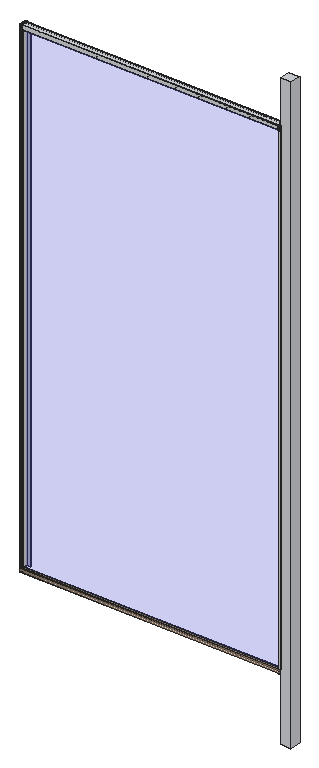
Revit family "705 Panel.pdf", category Generic Models, Revit 2026
Family settings
  Can host rebar = No
  Round Connector Dimension = Use Diameter
  Part Type = Normal
  Work Plane-Based = No
  Always vertical = Yes
  Cut with Voids When Loaded = No
  Maintain Annotation Orientation = No
  Shared = No
  Room Calculation Point = No
Parameters
  Default Elevation = 0 mm
Reference planes
  plane 1 "Center (Front/Back)": y = 0
  plane 2: z = 0
  plane 3 "Center (Left/Right)": x = 0
  plane 4: z = 300
  plane 5: z = 2684
  plane 6: x = 632
  plane 7: x = -632
Forms (mm)
  Extrusion 1, solid, material "Analytical Panels"
    sketch origin (0, -31.575, 2984.038) x (0, -1, 0) y (0, 0, -1)
      loop
        line (-2.218, 2684) -> (-31.606, 2684)
        arc (-31.606, 2684) -> (-32.895, 2683.466) -> (-33.43, 2682.176) r 1.824
        line (-33.43, 2682.176) -> (-33.43, 2677.15) -> (-31.638, 2672.482) -> (-30.429, 2672.482) -> (-30.429, 2673.958) -> (-31.261, 2674.79) -> (-31.883, 2675.867) -> (-31.883, 2679.357) -> (-30.89, 2679.357) -> (-30.89, 2678.378) -> (-30.061, 2678.378) -> (-30.061, 2681.483)
        arc (-30.061, 2681.483) -> (-29.865, 2681.955) -> (-29.394, 2682.15) r 0.667
        line (-29.394, 2682.15) -> (-25.748, 2682.15)
        arc (-25.748, 2682.15) -> (-24.493, 2681.63) -> (-23.974, 2680.376) r 1.774
        line (-23.974, 2680.376) -> (-23.974, 2670.805)
        arc (-23.974, 2670.805) -> (-23.586, 2669.868) -> (-22.649, 2669.48) r 1.325
        line (-22.649, 2669.48) -> (-3.269, 2669.48)
        arc (-3.269, 2669.48) -> (-2.429, 2669.131) -> (-2.08, 2668.29) r 1.189
        line (-2.08, 2668.29) -> (-2.08, 2661.561)
        arc (-2.08, 2661.561) -> (-1.055, 2660.536) -> (-0.031, 2661.561) r 1.025
        line (-0.031, 2661.561) -> (-0.031, 2681.813)
        arc (-0.031, 2681.813) -> (-0.671, 2683.359) -> (-2.218, 2684) r 2.187
      loop
        line (-3.626, 2682.849) -> (-21.266, 2682.849)
        arc (-21.266, 2682.849) -> (-22.357, 2682.397) -> (-22.809, 2681.306) r 1.543
        line (-22.809, 2681.306) -> (-22.809, 2672.418)
        arc (-22.809, 2672.418) -> (-22.303, 2671.197) -> (-21.082, 2670.691) r 1.727
        line (-21.082, 2670.691) -> (-3.579, 2670.691)
        arc (-3.579, 2670.691) -> (-2.519, 2671.13) -> (-2.08, 2672.19) r 1.499
        line (-2.08, 2672.19) -> (-2.08, 2681.303)
        arc (-2.08, 2681.303) -> (-2.533, 2682.396) -> (-3.626, 2682.849) r 1.545
    from -632 to 632
  Extrusion 2, solid
    sketch origin (500, -31.575, 0) x (0, -1, 0) y (0, 0, 1)
      loop
        line (-2.218, 2684) -> (-31.606, 2684)
        arc (-31.606, 2684) -> (-32.895, 2683.466) -> (-33.43, 2682.176) r 1.824
        line (-33.43, 2682.176) -> (-33.43, 2677.15) -> (-31.638, 2672.482) -> (-30.429, 2672.482) -> (-30.429, 2673.958) -> (-31.261, 2674.79) -> (-31.883, 2675.867) -> (-31.883, 2679.357) -> (-30.89, 2679.357) -> (-30.89, 2678.378) -> (-30.061, 2678.378) -> (-30.061, 2681.483)
        arc (-30.061, 2681.483) -> (-29.865, 2681.955) -> (-29.394, 2682.15) r 0.667
        line (-29.394, 2682.15) -> (-25.748, 2682.15)
        arc (-25.748, 2682.15) -> (-24.493, 2681.63) -> (-23.974, 2680.376) r 1.774
        line (-23.974, 2680.376) -> (-23.974, 2670.805)
        arc (-23.974, 2670.805) -> (-23.586, 2669.868) -> (-22.649, 2669.48) r 1.325
        line (-22.649, 2669.48) -> (-3.269, 2669.48)
        arc (-3.269, 2669.48) -> (-2.429, 2669.131) -> (-2.08, 2668.29) r 1.189
        line (-2.08, 2668.29) -> (-2.08, 2661.561)
        arc (-2.08, 2661.561) -> (-1.055, 2660.536) -> (-0.031, 2661.561) r 1.025
        line (-0.031, 2661.561) -> (-0.031, 2681.813)
        arc (-0.031, 2681.813) -> (-0.671, 2683.359) -> (-2.218, 2684) r 2.187
      loop
        line (-3.626, 2682.849) -> (-21.266, 2682.849)
        arc (-21.266, 2682.849) -> (-22.357, 2682.397) -> (-22.809, 2681.306) r 1.543
        line (-22.809, 2681.306) -> (-22.809, 2672.418)
        arc (-22.809, 2672.418) -> (-22.303, 2671.197) -> (-21.082, 2670.691) r 1.727
        line (-21.082, 2670.691) -> (-3.579, 2670.691)
        arc (-3.579, 2670.691) -> (-2.519, 2671.13) -> (-2.08, 2672.19) r 1.499
        line (-2.08, 2672.19) -> (-2.08, 2681.303)
        arc (-2.08, 2681.303) -> (-2.533, 2682.396) -> (-3.626, 2682.849) r 1.545
    from -132 to 1132
  Extrusion 3, solid, material "Glass"
    sketch origin (0, 0, 0) x (0, 1, 0) y (0, 0, 1)
      loop
        line (-1.514, 2681.483) -> (-7.607, 2681.483) -> (-7.607, 301.483) -> (-1.514, 301.483) -> (-1.514, 2681.483)
    from -632 to 632
  Extrusion 4, solid
    sketch origin (0, -29.689, 0) x (1, 0, 0) y (0, 1, 0)
      loop
        line (-632, -1.855) -> (-624.867, -1.855) -> (-620.822, -0.308) -> (-620.822, 1.146) -> (-621.834, 1.146) -> (-622.667, 0.314) -> (-624.292, -0.308) -> (-626.824, -0.308) -> (-626.824, 0.685) -> (-630.52, 0.685) -> (-630.52, 7.607) -> (-621.558, 7.607) -> (-621.558, 29.382) -> (-604.239, 29.382) -> (-604.239, 31.544) -> (-632, 31.544) -> (-632, -1.855)
      loop
        line (-630.931, 8.522) -> (-623.076, 8.522) -> (-623.076, 29.382) -> (-630.931, 29.382) -> (-630.931, 8.522)
    from 323.56 to 2684
  Extrusion 5, solid
    sketch origin (0, -29.689, 0) x (-1, 0, 0) y (0, -1, 0)
      loop
        line (-632, 1.855) -> (-632, -31.544) -> (-604.239, -31.544) -> (-604.239, -29.382) -> (-621.558, -29.382) -> (-621.558, -7.607) -> (-630.52, -7.607) -> (-630.52, -0.685) -> (-626.824, -0.685) -> (-626.824, 0.308) -> (-624.292, 0.308) -> (-622.667, -0.314) -> (-621.834, -1.146) -> (-620.822, -1.146) -> (-620.822, 0.308) -> (-624.867, 1.855) -> (-632, 1.855)
      loop
        line (-630.931, -8.522) -> (-630.931, -29.382) -> (-623.076, -29.382) -> (-623.076, -8.522) -> (-630.931, -8.522)
    from 323.56 to 2684
  Extrusion 6, solid
    sketch origin (0, 0, 0) x (1, 0, 0) y (0, 1, 0)
      loop
        line (632, -31.544) -> (683, -31.544) -> (683, 19.456) -> (632, 19.456) -> (632, -31.544)
    from 0 to 2894.044
Dimensions and locks
  plane 6 to plane 3 "Center (Left/Right)" = 632 mm
  plane 4 to level = 300 mm
  plane 5 to plane 4 = 2384 mm
  aligned and locked: plane 2 to level
  aligned and locked: Extrusion 3 to plane 6
  aligned and locked: Extrusion 3 to plane 7
  aligned and locked: Extrusion 1 to plane 6
  aligned and locked: plane 7 to Extrusion 1
